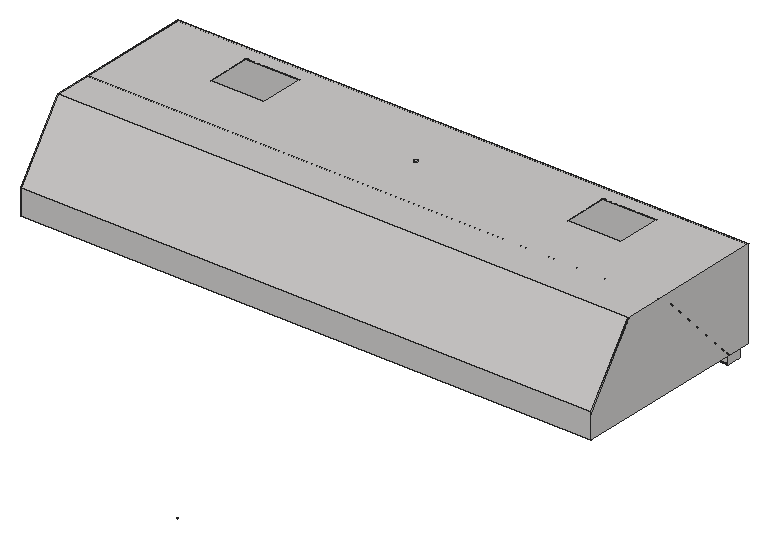
Revit family "QF_ELECTROLUXPROFESSIONAL_644225_ABPV1132BT", category Specialty Equipment, Revit 2014
Reference planes
  plane 1 "Center (Front/Back)": y = 0
  plane 2: z = 0
  plane 3 "Center (Left/Right)": x = 150
  plane 4 "LEFT": x = -1450
  plane 5 "RIGHT": x = 1750
  plane 6 "BACK": y = 550
  plane 7 "FRONT": y = -550
  plane 8 "TOP": z = 2500
  plane 9 "Base": z = 2000
  plane 10: z = 1926
  plane 11 "DrainY": y = 485
  plane 12: x = -1447
  plane 13: through (0, 414.509, 2000.8) normal (0, 0.7314, 0.682)
  plane 14: y = 470
  plane 15: y = 220
  plane 16 "DrainX": x = 1630
  plane 17: x = -700
  plane 18: x = 1000
  plane 19: x = -1000
  plane 20: x = 1300
  plane 21: x = 1747
  plane 22: x = 1540
  plane 23: x = 1720
  plane 24: x = -1410
  plane 25: x = -1045
  plane 26: x = -650
  plane 27: x = 1710
  plane 28: x = 1345
  plane 29: x = 950
  plane 30: z = 2140
  plane 31: y = -290
Forms (mm)
  Extrusion 1, solid, material "QF_Finishes_Stainless Steel"
    sketch origin (-1450, 0, 360) x (0, 1, 0) y (0, 0, 1)
      loop
        line (550, 1640) -> (550, 2140) -> (-290, 2140) -> (-550, 1780) -> (-550, 1640) -> (550, 1640)
    from 0 to 3
  Extrusion 2, solid, material "QF_Finishes_Stainless Steel"
    sketch origin (150, 0, 360) x (0, 1, 0) y (0, 0, 1)
      loop
        line (415.255, 1640) -> (550, 1640) -> (550, 2139.19) -> (549.2, 2139.19) -> (549.2, 1640.8) -> (415.876, 1640.8) -> (339.347, 1722.867) -> (349.609, 1732.436) -> (348.927, 1733.167) -> (337.934, 1722.917) -> (415.255, 1640)
      loop
        line (-82.203, 2139.19) -> (-82.203, 2118.6) -> (-31.047, 2118.6) -> (34.354, 2048.466) -> (46.028, 2059.352) -> (45.346, 2060.083) -> (34.403, 2049.879) -> (-30.612, 2119.6) -> (-81.203, 2119.6) -> (-81.203, 2139.19) -> (-82.203, 2139.19)
    from -1597 to 1597
  Extrusion 3, solid, material "QF_Finishes_Stainless Steel"
    sketch origin (1750, 0, 360) x (0, 1, 0) y (0, 0, 1)
      loop
        line (550, 1640) -> (550, 2140) -> (-290, 2140) -> (-550, 1780) -> (-550, 1640) -> (550, 1640)
    from 0 to -3
  Extrusion 4, solid, material "QF_Finishes_Stainless Steel"
    sketch origin (150, 0, 360) x (0, 1, 0) y (0, 0, 1)
      loop
        line (550, 2139.19) -> (550, 2140) -> (-290, 2140) -> (-550, 1780) -> (-550, 1640) -> (-549.2, 1640) -> (-549.2, 1779.741) -> (-289.598, 2139.19) -> (550, 2139.19)
    from -1600 to 1600
  Extrusion 5, solid, material "QF_Finishes_Stainless Steel"
    sketch origin (150, 0, 360) x (0, 1, 0) y (0, 0, 1)
      loop
        line (534, 1640) -> (436, 1640) -> (436, 1627) -> (443.5, 1627) -> (443.5, 1576)
        arc (443.5, 1576) -> (446.429, 1568.929) -> (453.5, 1566) r 10
        line (453.5, 1566) -> (516.5, 1566)
        arc (516.5, 1566) -> (523.571, 1568.929) -> (526.5, 1576) r 10
        line (526.5, 1576) -> (526.5, 1627) -> (534, 1627) -> (534, 1640)
    from 1390 to 1570
  Extrusion 6, solid, material "QF_Finishes_Stainless Steel"
    sketch origin (0, 0, 2000) x (0, 1, 0) y (-1, 0, 0)
      loop
        circle (485, -1630) r 20
    from -76 to -74
  Extrusion 7, solid, material "QF_Finished_Chrome"
    sketch origin (150, 0, 360) x (0, 1, 0) y (0, 0, 1)
      loop
        line (337.934, 1722.917) -> (341.591, 1726.327) -> (38.011, 2051.876) -> (34.354, 2048.466) -> (337.934, 1722.917)
    from -1195 to -1560
  Extrusion 8, solid, material "QF_Finished_Chrome"
    sketch origin (150, 0, 360) x (0, 1, 0) y (0, 0, 1)
      loop
        line (337.934, 1722.917) -> (341.591, 1726.327) -> (38.011, 2051.876) -> (34.354, 2048.466) -> (337.934, 1722.917)
    from 800 to -800
  Extrusion 9, solid, material "QF_Finishes_Stainless Steel"
    sketch origin (150, 0, 360) x (0, 1, 0) y (0, 0, 1)
      loop
        line (337.934, 1722.917) -> (341.591, 1726.327) -> (38.011, 2051.876) -> (34.354, 2048.466) -> (337.934, 1722.917)
    from 1597 to 1560
  Extrusion 10, solid, material "QF_Finishes_Stainless Steel"
    sketch origin (150, 0, 360) x (0, 1, 0) y (0, 0, 1)
      loop
        line (341.588, 1726.324) -> (38.009, 2051.874) -> (34.354, 2048.466) -> (337.934, 1722.917) -> (341.588, 1726.324)
    from -1195 to -800
  Extrusion 11, solid, material "QF_Finished_Chrome"
    sketch origin (150, 0, 360) x (0, 1, 0) y (0, 0, 1)
      loop
        line (341.588, 1726.324) -> (38.009, 2051.874) -> (34.354, 2048.466) -> (337.934, 1722.917) -> (341.588, 1726.324)
    from 1195 to 1560
  Extrusion 12, void
    sketch origin (0, 0, 2500) x (0, 1, 0) y (-1, 0, 0)
      loop
        line (470, 1000) -> (220, 1000) -> (220, 700) -> (470, 700) -> (470, 1000)
    from 0 to -10
  Extrusion 13, void
    sketch origin (940, 0, 2500) x (0, 1, 0) y (-1, 0, 0)
      loop
        line (470, -60) -> (220, -60) -> (220, -360) -> (470, -360) -> (470, -60)
    from 0 to -10
  Extrusion 14, solid, material "QF_Finishes_Stainless Steel"
    sketch origin (0, 0, 0) x (1, 0, 0) y (0, 1, 0)
      loop
        line (-1450, 550) -> (-1450, 549) -> (-1449, 549) -> (-1449, 550) -> (-1450, 550)
    from 0 to 1
  Extrusion 15, solid, material "QF_Finishes_Stainless Steel"
    sketch origin (150, 0, 360) x (0, 1, 0) y (0, 0, 1)
      loop
        line (337.934, 1722.917) -> (341.591, 1726.327) -> (38.011, 2051.876) -> (34.354, 2048.466) -> (337.934, 1722.917)
    from -1560 to -1597
  Extrusion 16, solid, material "QF_Finishes_Stainless Steel"
    sketch origin (150, 0, 360) x (0, 1, 0) y (0, 0, -1)
      loop
        line (341.588, -1726.324) -> (337.934, -1722.917) -> (34.354, -2048.466) -> (38.009, -2051.874) -> (341.588, -1726.324)
    from -1195 to -800
  Extrusion 17, solid, material "QF_Finishes_Stainless Steel"
    sketch origin (0, 0, 2500) x (0, 1, 0) y (-1, 0, 0)
      loop
        circle (220, -150) r 10
    from 0 to 1.6
Cuts and joins
  Extrusion 12, Extrusion 13 cuts Extrusion 4
  joined: Extrusion 2, Extrusion 4
Lines and regions (mm)
  reference lines
    curve 1: line (150, 34.354, 2408.466) -> (150, 34.354, 2248.466)
  symbolic lines, style "SpecialityEquipment", detail levels coarse
    curve 2: line (1750, 550, 2500) -> (-1450, 550, 2500)
    curve 3: line (-1450, 550, 2500) -> (-1450, -550, 2500)
    curve 4: line (1750, -550, 2500) -> (1750, 550, 2500)
    curve 5: line (-1450, -550, 2500) -> (1750, -550, 2500)
    curve 6: line (-1000, 220, 2500) -> (-700, 220, 2500)
    curve 7: line (-1000, 470, 2500) -> (-1000, 220, 2500)
    curve 8: line (-700, 470, 2500) -> (-1000, 470, 2500)
    curve 9: line (-700, 220, 2500) -> (-700, 470, 2500)
    curve 10: line (1000, 470, 2500) -> (1000, 220, 2500)
    curve 11: line (1000, 220, 2500) -> (1300, 220, 2500)
    curve 12: line (1300, 470, 2500) -> (1000, 470, 2500)
    curve 13: line (1300, 220, 2500) -> (1300, 470, 2500)
    curve 14: line (-1450, -290, 0) -> (1750, -290, 0)
    curve 15: line (-1450, 550, 0) -> (1750, -290, 0)
    curve 16: line (1750, 550, 0) -> (-1450, -290, 0)
Dimensions and locks
  plane 4 "LEFT" to plane 5 "RIGHT" = 3200 mm
  equal spacing: plane 4 "LEFT", plane 3 "Center (Left/Right)", plane 5 "RIGHT"
  locked: plane 8 "TOP" to plane 9 "Base" at 500
  plane 9 "Base" to plane 10 = 74 mm
  plane 6 "BACK" to plane 11 "DrainY" = 65 mm  (x2)
  plane 4 "LEFT" to plane 12 = 3 mm
  plane 6 "BACK" to plane 14 = 80 mm
  plane 14 to plane 15 = 250 mm  (x2)
  plane 16 "DrainX" to plane 5 "RIGHT" = 120 mm
  locked: plane 17 to plane 18 at 1700
  equal spacing: plane 17, plane 3 "Center (Left/Right)", plane 18
  plane 19 to plane 17 = 300 mm
  plane 18 to plane 20 = 300 mm
  plane 21 to plane 5 "RIGHT" = 3 mm
  locked: plane 22 to plane 16 "DrainX" at 90
  locked: plane 16 "DrainX" to plane 23 at 90
  plane 6 "BACK" to plane 7 "FRONT" = 1100 mm  (x2)
  equal spacing: plane 6 "BACK", plane 1 "Center (Front/Back)", plane 7 "FRONT"
  plane 15 to plane 7 "FRONT" = 770 mm
  plane 14 to plane 6 "BACK" = 80 mm
  locked: plane 4 "LEFT" to plane 24 at 40
  locked: plane 24 to plane 25 at 365
  locked: plane 25 to plane 26 at 395
  locked: plane 27 to plane 28 at 365
  locked: plane 28 to plane 29 at 395
  locked: plane 27 to plane 5 "RIGHT" at 40
  plane 26 to plane 29 = 1600 mm
  plane 30 to plane 9 "Base" = 140 mm
  plane 31 to plane 7 "FRONT" = 260 mm
  locked: plane 9 "Base" to level at 2000
  aligned and locked: level to plane 2
  aligned and locked: Extrusion 2 to Extrusion 1
  aligned and locked: Extrusion 2 to Extrusion 3
  aligned and locked: plane 5 "RIGHT" to Extrusion 4
  aligned and locked: Extrusion 4 to plane 4 "LEFT"
  aligned and locked: plane 21 to Extrusion 9
  aligned and locked: plane 19 to Extrusion 12
  aligned and locked: Extrusion 12 to plane 17
  aligned and locked: Extrusion 12 to plane 15
  aligned and locked: Extrusion 12 to plane 14
  aligned and locked: Extrusion 13 to plane 20
  aligned and locked: plane 18 to Extrusion 13
  aligned and locked: plane 23 to Extrusion 5
  aligned and locked: Extrusion 5 to plane 22
  aligned and locked: Extrusion 9 to plane 27
  aligned and locked: Extrusion 11 to plane 27
  aligned and locked: Extrusion 11 to plane 28
  aligned and locked: Extrusion 8 to plane 29
  aligned and locked: Extrusion 8 to plane 26
  aligned and locked: plane 26 to Extrusion 10
  aligned and locked: Extrusion 10 to plane 25
  aligned and locked: plane 25 to Extrusion 7
  aligned and locked: Extrusion 7 to plane 24
  aligned and locked: Extrusion 15 to plane 12
  aligned and locked: plane 24 to Extrusion 15
  aligned and locked: Extrusion 16 to plane 29
  aligned and locked: Extrusion 16 to plane 28
  aligned and locked: Extrusion 3 to plane 21
Automatic sketch dimensions
  curve 5 to plane 4 "LEFT" = 0 mm
  curve 5 to plane 7 "FRONT" = 0 mm
  curve 9 to plane 15 = 0 mm
  curve 10 to plane 15 = 0 mm
  plane 14 to curve 8 = 0 mm
  plane 14 to curve 12 = 0 mm
  curve 3 to plane 6 "BACK" = 0 mm
  curve 5 to plane 5 "RIGHT" = 0 mm
  curve 11 to plane 20 = 0 mm
  curve 10 to plane 18 = 0 mm
  curve 6 to plane 17 = 0 mm
  curve 6 to plane 19 = 0 mm
  Extrusion 2 sketch curve to plane 13 = 0 mm  (x3)
  Extrusion 2 sketch curve to plane 9 "Base" = 0 mm
  plane 13 to Extrusion 2 sketch curve = 0 mm
  Extrusion 2 sketch curve to plane 6 "BACK" = 0 mm
  Extrusion 2 sketch curve to Extrusion 2 sketch curve = 65.646 mm
  Extrusion 2 sketch curve to Extrusion 2 sketch curve = 0.682 mm  (x2)
  Extrusion 2 sketch curve to Extrusion 2 sketch curve = 10.261 mm
  plane 9 "Base" to Extrusion 2 sketch curve = 82.917 mm
  Extrusion 2 sketch curve to plane 1 "Center (Front/Back)" = 46.028 mm
  Extrusion 2 sketch curve to Extrusion 2 sketch curve = 10.942 mm
  Extrusion 2 sketch curve to Extrusion 2 sketch curve = 0.049 mm
  Extrusion 2 sketch curve to plane 8 "TOP" = 20.4 mm
  Extrusion 2 sketch curve to plane 8 "TOP" = 21.4 mm
  Extrusion 2 sketch curve to plane 8 "TOP" = 0.81 mm  (x2)
  Extrusion 2 sketch curve to Extrusion 2 sketch curve = 50.156 mm
  Extrusion 2 sketch curve to Extrusion 2 sketch curve = 1 mm
  plane 9 "Base" to Extrusion 2 sketch curve = 0.8 mm
  Extrusion 2 sketch curve to plane 6 "BACK" = 0.8 mm
  curve 1 to plane 13 = 0 mm
  curve 1 to plane 1 "Center (Front/Back)" = 34.354 mm
  Extrusion 5 sketch curve to plane 9 "Base" = 0 mm
  Extrusion 5 sketch curve to plane 10 = 0 mm
  Extrusion 5 sketch curve to plane 9 "Base" = 13 mm  (x2)
  plane 14 to Extrusion 5 sketch curve = 34 mm
  Extrusion 5 sketch curve to Extrusion 5 sketch curve = 7.5 mm  (x2)
  Extrusion 5 sketch curve to Extrusion 5 sketch curve = 10 mm
  plane 11 "DrainY" to Extrusion 5 sketch curve = 31.5 mm
  Extrusion 5 sketch curve to plane 6 "BACK" = 23.5 mm
  Extrusion 6 sketch curve to plane 11 "DrainY" = 0 mm
  Extrusion 6 sketch curve to plane 16 "DrainX" = 0 mm
  Extrusion 7 sketch curve to plane 13 = 0 mm  (x2)
  Extrusion 7 sketch curve to plane 1 "Center (Front/Back)" = 34.354 mm
  Extrusion 7 sketch curve to Extrusion 7 sketch curve = 3.657 mm
  plane 9 "Base" to Extrusion 7 sketch curve = 82.917 mm
  Extrusion 8 sketch curve to plane 13 = 0 mm  (x2)
  Extrusion 8 sketch curve to plane 1 "Center (Front/Back)" = 34.354 mm
  Extrusion 8 sketch curve to Extrusion 8 sketch curve = 3.657 mm
  plane 9 "Base" to Extrusion 8 sketch curve = 82.917 mm
  Extrusion 9 sketch curve to plane 13 = 0 mm  (x2)
  Extrusion 9 sketch curve to plane 1 "Center (Front/Back)" = 34.354 mm
  Extrusion 9 sketch curve to Extrusion 9 sketch curve = 3.657 mm
  plane 9 "Base" to Extrusion 9 sketch curve = 82.917 mm
  Extrusion 10 sketch curve to plane 13 = 0 mm  (x2)
  Extrusion 10 sketch curve to plane 1 "Center (Front/Back)" = 34.354 mm
  Extrusion 10 sketch curve to Extrusion 10 sketch curve = 3.655 mm
  plane 9 "Base" to Extrusion 10 sketch curve = 82.917 mm
  Extrusion 11 sketch curve to plane 13 = 0 mm  (x2)
  Extrusion 11 sketch curve to plane 1 "Center (Front/Back)" = 34.354 mm
  Extrusion 11 sketch curve to Extrusion 11 sketch curve = 3.655 mm
  plane 9 "Base" to Extrusion 11 sketch curve = 82.917 mm
  Extrusion 12 sketch curve to plane 15 = 0 mm
  plane 14 to Extrusion 12 sketch curve = 0 mm
  Extrusion 12 sketch curve to plane 17 = 0 mm
  Extrusion 12 sketch curve to plane 19 = 0 mm
  Extrusion 13 sketch curve to plane 15 = 0 mm
  plane 14 to Extrusion 13 sketch curve = 0 mm
  Extrusion 13 sketch curve to plane 20 = 0 mm
  Extrusion 13 sketch curve to plane 18 = 0 mm
  Extrusion 14 sketch curve to plane 4 "LEFT" = 0 mm
  Extrusion 14 sketch curve to plane 6 "BACK" = 0 mm
  plane 4 "LEFT" to Extrusion 14 sketch curve = 1 mm
  Extrusion 14 sketch curve to plane 6 "BACK" = 1 mm
  Extrusion 15 sketch curve to plane 13 = 0 mm  (x2)
  Extrusion 15 sketch curve to plane 1 "Center (Front/Back)" = 34.354 mm
  Extrusion 15 sketch curve to Extrusion 15 sketch curve = 3.657 mm
  plane 9 "Base" to Extrusion 15 sketch curve = 82.917 mm
  Extrusion 16 sketch curve to plane 13 = 0 mm  (x2)
  Extrusion 16 sketch curve to plane 1 "Center (Front/Back)" = 34.354 mm
  Extrusion 16 sketch curve to Extrusion 16 sketch curve = 3.655 mm
  plane 9 "Base" to Extrusion 16 sketch curve = 82.917 mm
  curve 1 to curve 1 = 160 mm
  Extrusion 4 sketch curve to plane 7 "FRONT" = 0 mm
  Extrusion 4 sketch curve to plane 8 "TOP" = 0 mm
  Extrusion 4 sketch curve to plane 31 = 0 mm
  Extrusion 4 sketch curve to plane 6 "BACK" = 0 mm
  Extrusion 4 sketch curve to plane 9 "Base" = 0 mm
  Extrusion 4 sketch curve to plane 30 = 0 mm
  Extrusion 4 sketch curve to plane 30 = 0.259 mm
  plane 7 "FRONT" to Extrusion 4 sketch curve = 0.8 mm
  Extrusion 4 sketch curve to Extrusion 4 sketch curve = 0.81 mm
  Extrusion 4 sketch curve to plane 31 = 0.402 mm
  Extrusion 1 sketch curve to plane 7 "FRONT" = 0 mm
  Extrusion 1 sketch curve to plane 8 "TOP" = 0 mm
  Extrusion 1 sketch curve to plane 31 = 0 mm
  Extrusion 1 sketch curve to plane 6 "BACK" = 0 mm
  Extrusion 1 sketch curve to plane 9 "Base" = 0 mm
  Extrusion 1 sketch curve to plane 30 = 0 mm
  Extrusion 3 sketch curve to plane 7 "FRONT" = 0 mm
  Extrusion 3 sketch curve to plane 8 "TOP" = 0 mm
  Extrusion 3 sketch curve to plane 31 = 0 mm
  Extrusion 3 sketch curve to plane 6 "BACK" = 0 mm
  Extrusion 3 sketch curve to plane 9 "Base" = 0 mm
  Extrusion 3 sketch curve to plane 30 = 0 mm
  curve 16 to plane 4 "LEFT" = 0 mm
  curve 15 to plane 4 "LEFT" = 0 mm
  curve 16 to plane 5 "RIGHT" = 0 mm
  curve 14 to plane 5 "RIGHT" = 0 mm
  plane 31 to curve 14 = 0 mm
  curve 16 to plane 6 "BACK" = 0 mm
  curve 15 to plane 6 "BACK" = 0 mm
  Extrusion 17 sketch curve to plane 3 "Center (Left/Right)" = 0 mm
  Extrusion 17 sketch curve to plane 15 = 0 mm
  radius of Extrusion 6 sketch curve = 20 mm
  radius of Extrusion 17 sketch curve = 10 mm
Connectors
  piping at (1630, 485, 1924), diameter 20
    settings: on Extrusion 6, index 1, connector inside diameter 609.6 mm, connector length 0 mm, flow factor 0, pipe flow 0.0 L/s, pressure drop 0.0 Pa, fitting loss kfactor 0, connector angle 0.00°, fixture units 0, engagement length 0 mm, angle of deflection 0.00°, flow configuration 1, flow direction 2, fitting loss method 0, system type 16, joint type 0, gender type 0, connector reference index -1, connector utility 0, adjustable connector no, is connector primary yes, connector description "Drain"
  hvac at (-850, 345, 2500)
    settings: on Extrusion 12, index 2, duct flow 0.0 L/s, flow factor 0, pres drop 0.0 Pa, loss coef 0, conn angle 0.00°, conn width 250 mm, conn height 300 mm, conn diameter 609.6 mm, duct sys type 3, conn prof type 1, flow config 1, flow direction 2, loss method 0, conn ref index -1, conn util no, is conn primary yes, conn desc "EXHAUST OUTLET"
  hvac at (1150, 345, 2500)
    settings: on Extrusion 13, index 3, duct flow 0.0 L/s, flow factor 0, pres drop 0.0 Pa, loss coef 0, conn angle 0.00°, conn width 250 mm, conn height 300 mm, conn diameter 609.6 mm, duct sys type 3, conn prof type 1, flow config 1, flow direction 2, loss method 0, conn ref index -1, conn util no, is conn primary no, conn desc "EXHAUST OUTLET"
  electrical at (150, 220, 2501.6)
    settings: on Extrusion 17, index 4, voltage 0 V, apparent load 0 VA, apparent load phase1 0 VA, apparent load phase2 0 VA, apparent load phase3 0 VA, power factor 1, load classification "Other", number of poles 1, system type 30, power factor state 1, is connector primary yes, connector utility no, sub classification motor no, connector description "Electrical Connection"
